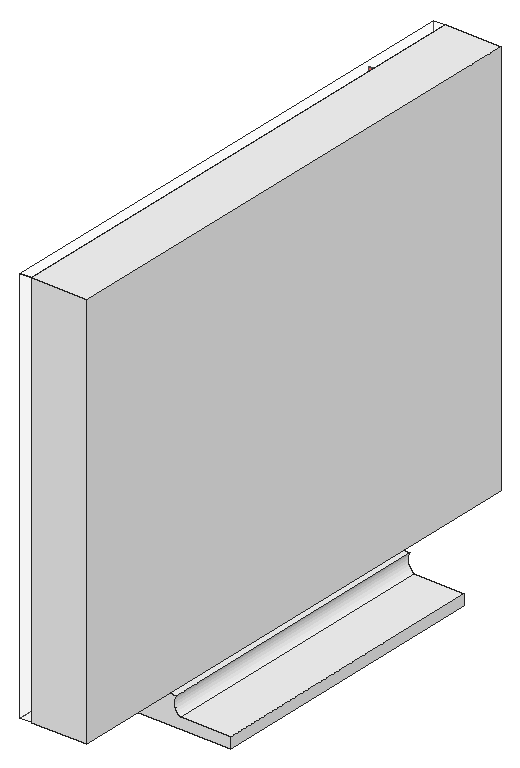
Revit family "CLS_Ceiling", category Lighting Fixtures, host Face, Revit 2014
Parameters (values of type "CLS-S-EXIT-Right_Arrow")
  zz Length 1 [instance] = if([EXIT - Single Face], 0.200", 0.250")  # 0.200"
  Watts = 3.72 W
  Wattage Comments = "3.72 W"
  Warranty = "Fixture: 5 Years Full; Battery: 2 Years Full, 8 Years Pro-Rata"  # constant formula
  Wall Plate Material = Hubbell - Black
  Voltage [instance] = if(Is 120VAC, 120 V, 277 V)  # 120 V
  URL = "https://www.hubbell.com/dual-lite/en"
  Type Comments = "Exit Light"  # constant formula
  EXIT - Single Face = yes
  STAIR - Single Face = no
  STAIR - Double Face = no
  Right Arrow - Single = yes
  Right Arrow - Double = no
  Product Page URL = "https://www.hubbell.com/dual-lite/en/Products/Lighting-Controls/Emergency-Exit-Lighting/Exit-Message-Signs/CLS/p/222327"
  Product Documentation Link = "https://hubbellcdn.com/specsheet/0603521_cls_spec.pdf"
  Model = "CLS"
  Manufacturer = "DUAL-LITE"  # constant formula
  Load Classification = Lighting
  Lens = Hubbell - Red Glass
  Left Arrow - Single = no
  Left Arrow - Double = no
  Lamp = "LED Lamp"  # constant formula
  Is 277VAC [instance] = not(Is 120VAC)  # no
  Is 120VAC [instance] = yes
  Holder Material = Hubbell - Steel
  Glass = Hubbell - light Glass
  Finish = Hubbell - White
  Features = "Improved one-piece design in AC or emergency operation\r\nHighly reliable and energy efficient LED illumination\r\nLong lasting Nickel Cadmium Battery\r\nGlass panels with EXIT or STAIRS"  # constant formula
  End = C : C1
  EXIT - Double Face = no
  Description = "The CLS Series offers bright and even LED EXIT or STAIRS glass panel illumination with Red letters, white LED's and a 20 gauge, durable steel housing. Features include AC or Emergency operation in single or double face. 120/277 VAC input. City of Chicago approved."  # constant formula
  Default Elevation = 48.000"
  Certification = "UL 924 Listed\r\nNFPA 101 Life Safety Code\r\nCEC T20 Compliant"  # constant formula
  Arrow Base - Single = yes
  Arrow Base - Double = no
  Application = "The Sempra® MR Series are a set of compact, low-profile Master/\r\nRemote exit sign featuring cast aluminum construction. It allows for\r\neasy installation and has energy saving, long-life LED lamps. "  # constant formula
  Apparent Load = Watts  # 3.72 VA
Types (16): name | zz Length 1 | EXIT - Single Face | STAIR - Single Face | STAIR - Double Face | Right Arrow - Single | Right Arrow - Double | Left Arrow - Single | Left Arrow - Double | Glass | EXIT - Double Face | Arrow Base - Single | Arrow Base - Double
  CLS-S-EXIT-No_arrows | 0.200" | yes | no | no | no | no | no | no | Hubbell - Glass | no | no | no
  CLS-S-EXIT-Right_Arrow | 0.200" | yes | no | no | yes | no | no | no | Hubbell - light Glass | no | yes | no
  CLS-S-EXIT-Left_Arrow | 0.200" | yes | no | no | no | no | yes | no | Hubbell - light Glass | no | yes | no
  CLS-S-EXIT-Double_Arrow | 0.200" | yes | no | no | yes | no | yes | no | Hubbell - light Glass | no | yes | no
  CLS-D-EXIT-No_Arrows | 0.200" | yes | no | no | no | no | no | no | Hubbell - light Glass | yes | no | no
  CLS-D-EXIT-Left_Arrow | 0.200" | yes | no | no | no | yes | yes | no | Hubbell - light Glass | yes | yes | yes
  CLS-D-EXIT-Right_Arrow | 0.200" | yes | no | no | yes | no | no | yes | Hubbell - light Glass | yes | yes | yes
  CLS-D-EXIT-Double_Arrow | 0.200" | yes | no | no | yes | yes | yes | yes | Hubbell - Glass | yes | yes | yes
  CLS-S-STAIRS-No_Arrows | 0.250" | no | yes | no | no | no | no | no | Hubbell - Glass | no | no | no
  CLS-S-STAIRS-Right_Arrow | 0.250" | no | yes | no | yes | no | no | no | Hubbell - Glass | no | yes | no
  CLS-S-STAIRS-Left_Arrow | 0.250" | no | yes | no | no | no | yes | no | Hubbell - Glass | no | yes | no
  CLS-S-STAIRS-Double_Arrow | 0.250" | no | yes | no | yes | no | yes | no | Hubbell - Glass | no | yes | no
  CLS-D-STAIRS-No_Arrow | 0.250" | no | yes | yes | no | no | no | no | Hubbell - Glass | no | no | no
  CLS-D-STAIRS-Right_Arrow | 0.250" | no | yes | yes | yes | no | no | yes | Hubbell - Glass | no | yes | yes
  CLS-D-STAIRS-Left_Arrow | 0.250" | no | yes | yes | no | yes | yes | no | Hubbell - Glass | no | yes | yes
  CLS-D-STAIRS-Double_Arrow | 0.250" | no | yes | yes | yes | yes | yes | yes | Hubbell - Glass | no | yes | yes
Reference planes (in)
  plane 1 "Center (Front/Back)": y = 0
  plane 2: z = 0
  plane 3 "Center (Left/Right)": x = 0
  plane 4: x = -6.25
  plane 5: x = 6.25
  plane 6: x = -2.75
  plane 7: x = 2.75
  plane 8: z = 9.3
  plane 9: y = -1.25
  plane 10: y = 1.25
  plane 11: y = -2.2
  plane 12: y = 2.2
Forms (in)
  Extrusion 1, solid, material "Hubbell - White"
    sketch origin (-0.33698, -0.33698, 0) x (1, 0, 0) y (0, 0, 1)
      loop
        line (2.20258, 0) -> (2.20258, 0.24288) -> (1.0795, 0.24288)
        arc (1.0795, 0.24288) -> (0.94157, 0.42301) -> (0.97906, 0.64676) r 0.28476
        line (0.97906, 0.64676) -> (-0.97906, 0.64676)
        arc (-0.97906, 0.64676) -> (-0.94157, 0.42301) -> (-1.0795, 0.24288) r 0.28476
        line (-1.0795, 0.24288) -> (-2.20258, 0.24288) -> (-2.20258, 0) -> (2.20258, 0)
    from -3.46752 to 3.16302
Dimensions and locks (in)
  plane 4 to plane 3 "Center (Left/Right)" = 6.250"
  equal spacing: plane 4, plane 3 "Center (Left/Right)", plane 5
  equal spacing: plane 6, plane 3 "Center (Left/Right)", plane 7
  plane 6 to plane 3 "Center (Left/Right)" = 2.750"
  plane 7 to plane 6 = 5.500"
  plane 5 to plane 4 = 12.500"
  aligned and locked: plane 2 to host face
  aligned and locked: level to host face
Automatic sketch dimensions
  host sketch curve to host sketch curve = 96.000"  (x2)
  Extrusion 1 sketch curve to level = 0.000"
  plane 6 to Extrusion 1 sketch curve = 0.21043"
  level to Extrusion 1 sketch curve = 0.49173"
  Extrusion 1 sketch curve to Extrusion 1 sketch curve = 0.98467"
  Extrusion 1 sketch curve to Extrusion 1 sketch curve = 0.13842"  (x2)
  Extrusion 1 sketch curve to Extrusion 1 sketch curve = 0.23886"
  plane 3 "Center (Left/Right)" to Extrusion 1 sketch curve = 0.64208"
  Extrusion 1 sketch curve to Extrusion 1 sketch curve = 0.10044"
  level to Extrusion 1 sketch curve = 0.24288"
  Extrusion 1 sketch curve to plane 7 = 0.8844"
  Extrusion 1 sketch curve to Extrusion 1 sketch curve = 0.24288"
Nested families (in)
  nested 1: "C" at (-0.14499, 0, -0.73324) x (0, -1, 0) z (0, 0, 1), type <- "End", type "C1"
    with STAIRS-Single Face no, STAIRS-Double Face no, Right Arrow - Double no, Left Arrow - Single no, Left Arrow - Double no, EXIT-Double Face no, Arrow base-Double no
Connectors (in)
  electrical at (-0.33698, -0.18473, 0), driven by "Voltage", driven by "Apparent Load"
    settings: on Extrusion 1, index 1, voltage 120 V, apparent load 3.72 VA, apparent load phase1 0 VA, apparent load phase2 0 VA, apparent load phase3 0 VA, power factor 1, load classification "Other", number of poles 1, system type 30, power factor state 1, is connector primary yes, connector utility no, sub classification motor no, connector description "Lighting Connector"
Definition of nested family "C"
  Parameters (values of type "C1")
    STAIRS-Single Face = yes
    STAIRS-Double Face = yes
    EXIT-Single Face = yes
    Right Arrow - Single = yes
    Right Arrow - Double = yes
    Lens = Hubbell - Red Glass
    Left Arrow - Single = yes
    Left Arrow - Double = yes
    Glass = Hubbell - Glass
    Finish = Hubbell - White
    EXIT-Double Face = yes
    Arrow base-Double = yes
    Arrow base - Single = yes
  Reference planes (in)
    plane 1 "Center (Front/Back)": y = 0
    plane 2: z = 0
    plane 3 "Center (Left/Right)": x = 0
    plane 4: x = -5.625
    plane 5: x = 5.625
    plane 6: y = 0.866
    plane 7: y = -0.866
    plane 8: z = 12.375
  Forms (in)
    Extrusion 1, solid, material "Hubbell - White" <- "Finish"
      sketch origin (0, 0.02507, 10.68) x (-1, 0, 0) y (0, 0, -1)
        loop
          line (-5.875, 9.3) -> (-5.875, 0.25) -> (5.875, 0.25) -> (5.875, 9.3) -> (-5.875, 9.3)
      from -0.625 to 0.625
    Extrusion 2, solid, material "Hubbell - Red Glass" <- "Lens", visible <- "EXIT-Single Face"
      sketch origin (0, 0.02507, 2.07542) x (1, 0, 0) y (0, 0, 1)
        loop
          line (2.43416, 6.45678) -> (2.43416, 5.97564) -> (3.5716, 5.97564) -> (3.5716, 3.97225) -> (2.43416, 3.97225) -> (2.43416, 3.36683) -> (3.55274, 3.3823) -> (3.55274, 1.3823) -> (2.30274, 1.3823) -> (2.30274, 0.8823) -> (4.05274, 0.8823) -> (4.05274, 6.45678) -> (2.43416, 6.45678)
        loop
          line (1.58093, 6.45573) -> (0.95036, 6.45573) -> (0.67318, 5.69418) -> (0.396, 6.45573) -> (-0.23457, 6.45573) -> (0.40867, 3.66954) -> (-0.23457, 0.88335) -> (0.396, 0.88335) -> (0.67318, 1.64489) -> (0.95036, 0.88335) -> (1.53078, 0.88335) -> (0.91261, 3.56092) -> (1.58093, 6.45573)
        loop
          line (-1.71319, 6.47228) -> (-1.71319, 0.88335) -> (-1.04357, 0.88335) -> (-1.04357, 6.47228) -> (-1.71319, 6.47228)
        loop
          line (-2.31807, 1.07085) -> (-2.31807, 1.80238) -> (-3.19038, 1.80238) -> (-3.19038, 6.65978) -> (-3.86, 6.65978) -> (-3.86, 1.80238) -> (-4.82984, 1.80238) -> (-4.82984, 1.07085) -> (-2.31807, 1.07085)
      from 0.625 to 0.89107
    Extrusion 3, solid, material "Hubbell - Glass" <- "Glass", visible <- "EXIT-Single Face"
      sketch origin (0, 0.02507, 10.68) x (-1, 0, 0) y (0, 0, -1)
        loop
          line (-5.875, 9.305) -> (-5.875, 0.25) -> (5.875, 0.25) -> (5.875, 9.305) -> (-5.875, 9.305)
      from 0.625 to 0.89107
    Extrusion 4, solid, material "Hubbell - Red Glass" <- "Lens", visible <- "EXIT-Double Face"
      sketch origin (0, 0.02507, 9.43) x (-1, 0, 0) y (0, 0, 1)
        loop
          line (2.43416, -6.45678) -> (4.05274, -6.45678) -> (4.05274, -0.8823) -> (2.30274, -0.8823) -> (2.30274, -1.3823) -> (3.55274, -1.3823) -> (3.55274, -3.3823) -> (2.43416, -3.36683) -> (2.43416, -3.97225) -> (3.5716, -3.97225) -> (3.5716, -5.97564) -> (2.43416, -5.97564) -> (2.43416, -6.45678)
        loop
          line (1.58093, -6.45573) -> (0.91261, -3.56092) -> (1.53078, -0.88335) -> (0.95036, -0.88335) -> (0.67318, -1.64489) -> (0.396, -0.88335) -> (-0.23457, -0.88335) -> (0.40867, -3.66954) -> (-0.23457, -6.45573) -> (0.396, -6.45573) -> (0.67318, -5.69418) -> (0.95036, -6.45573) -> (1.58093, -6.45573)
        loop
          line (-1.71319, -6.47228) -> (-1.04357, -6.47228) -> (-1.04357, -0.88335) -> (-1.71319, -0.88335) -> (-1.71319, -6.47228)
        loop
          line (-4.89234, -6.47228) -> (-2.38057, -6.47228) -> (-2.38057, -5.74075) -> (-3.35041, -5.74075) -> (-3.35041, -0.88335) -> (-4.02003, -0.88335) -> (-4.02003, -5.74075) -> (-4.89234, -5.74075) -> (-4.89234, -6.47228)
      from 0.625 to 0.84093
    Extrusion 5, solid, material "Hubbell - Glass" <- "Glass", visible <- "EXIT-Double Face"
      sketch origin (0, 0.02507, 10.68) x (-1, 0, 0) y (0, 0, 1)
        loop
          line (5.875, -9.3) -> (5.875, -0.25) -> (-5.875, -0.25) -> (-5.875, -9.3) -> (5.875, -9.3)
      from 0.625 to 0.84093
    Extrusion 6, solid, material "Hubbell - Red Glass" <- "Lens", visible <- "Arrow base-Double"
      sketch origin (5.9025, 0, 5.9025) x (0, 0, 1) y (-1, 0, 0)
        loop
          line (3.26823, 9.93122) -> (3.26823, 1.93122) -> (3.76823, 1.93122) -> (3.76823, 9.93122) -> (3.26823, 9.93122)
      from -0.866 to -0.65007
    Extrusion 7, solid, material "Hubbell - Red Glass" <- "Lens", visible <- "Left Arrow - Double"
      sketch origin (5.9025, 0, 5.9025) x (0, 0, 1) y (-1, 0, 0)
        loop
          line (4.39221, 9.92839) -> (3.52618, 11.42839) -> (2.66016, 9.92839) -> (3.27618, 9.92839) -> (3.77618, 9.92839) -> (4.39221, 9.92839)
      from -0.866 to -0.65007
    Extrusion 8, solid, material "Hubbell - Red Glass" <- "Lens", visible <- "Right Arrow - Double"
      sketch origin (-5.95995, 0, 5.9025) x (0, 0, 1) y (-1, 0, 0)
        loop
          line (4.39221, -9.92839) -> (3.77618, -9.92839) -> (3.27618, -9.92839) -> (2.66016, -9.92839) -> (3.52618, -11.42839) -> (4.39221, -9.92839)
      from -0.866 to -0.65007
    Extrusion 9, solid, material "Hubbell - Red Glass" <- "Lens", visible <- "Arrow base - Single"
      sketch origin (5.9025, 0, 5.9025) x (0, 0, 1) y (1, 0, 0)
        loop
          line (3.26823, -9.93122) -> (3.76823, -9.93122) -> (3.76823, -1.93122) -> (3.26823, -1.93122) -> (3.26823, -9.93122)
      from -0.866 to -0.65007
    Extrusion 10, solid, material "Hubbell - Red Glass" <- "Lens", visible <- "Right Arrow - Single"
      sketch origin (5.9025, 0, 5.9025) x (0, 0, 1) y (1, 0, 0)
        loop
          line (4.39221, -9.92839) -> (3.77618, -9.92839) -> (3.27618, -9.92839) -> (2.66016, -9.92839) -> (3.52618, -11.42839) -> (4.39221, -9.92839)
      from -0.866 to -0.65007
    Extrusion 11, solid, material "Hubbell - Red Glass" <- "Lens", visible <- "Left Arrow - Single"
      sketch origin (-5.95995, 0, 5.9025) x (0, 0, 1) y (1, 0, 0)
        loop
          line (4.39221, 9.92839) -> (3.52618, 11.42839) -> (2.66016, 9.92839) -> (3.27618, 9.92839) -> (3.77618, 9.92839) -> (4.39221, 9.92839)
      from -0.866 to -0.65007
    Extrusion 12, solid, material "Hubbell - Red Glass" <- "Lens", visible <- "STAIRS-Single Face"
      sketch origin (5.9025, 0, 5.4025) x (0, 0, 1) y (-1, 0, 0)
        loop
          line (-1.88113, 2.19677) -> (-2.69478, 2.19677)
          arc (-2.69478, 2.19677) -> (-2.87155, 2.12355) -> (-2.94478, 1.94677) r 0.25
          line (-2.94478, 1.94677) -> (-2.94478, 0.54083)
          arc (-2.94478, 0.54083) -> (-2.84401, 0.29754) -> (-2.60072, 0.19677) r 0.34405
          line (-2.60072, 0.19677) -> (-0.02929, 0.19677)
          arc (-0.02929, 0.19677) -> (0.22934, 0.3039) -> (0.33647, 0.56253) r 0.36576
          line (0.33647, 0.56253) -> (0.33647, 1.31851)
          arc (0.33647, 1.31851) -> (0.375, 1.45185) -> (0.47871, 1.54409) r 0.25
          line (0.47871, 1.54409) -> (2.31495, 1.54409)
          arc (2.31495, 1.54409) -> (2.43984, 1.49236) -> (2.49157, 1.36747) r 0.17663
          line (2.49157, 1.36747) -> (2.49157, 1.16329)
          arc (2.49157, 1.16329) -> (2.45666, 1.079) -> (2.37237, 1.04409) r 0.1192
          line (2.37237, 1.04409) -> (1.99157, 1.04409) -> (1.99157, 0.25958) -> (2.80522, 0.25958)
          arc (2.80522, 0.25958) -> (2.982, 0.3328) -> (3.05522, 0.50958) r 0.25
          line (3.05522, 0.50958) -> (3.05522, 1.91552)
          arc (3.05522, 1.91552) -> (3.01658, 2.07394) -> (2.90934, 2.19677) r 0.34405
          line (2.90934, 2.19677) -> (-0.09988, 2.19677)
          arc (-0.09988, 2.19677) -> (-0.27666, 2.12355) -> (-0.34988, 1.94677) r 0.25
          line (-0.34988, 1.94677) -> (-0.34988, 1.16226)
          arc (-0.34988, 1.16226) -> (-0.4231, 0.98548) -> (-0.59988, 0.91226) r 0.25
          line (-0.59988, 0.91226) -> (-2.20451, 0.91226)
          arc (-2.20451, 0.91226) -> (-2.3294, 0.96399) -> (-2.38113, 1.08888) r 0.17663
          line (-2.38113, 1.08888) -> (-2.38113, 1.29306)
          arc (-2.38113, 1.29306) -> (-2.34622, 1.37735) -> (-2.26193, 1.41226) r 0.1192
          line (-2.26193, 1.41226) -> (-1.88113, 1.41226) -> (-1.88113, 2.19677)
        loop
          line (-2.91247, 4.66984) -> (-2.91247, 2.47057) -> (-2.0247, 2.47057) -> (-2.0247, 3.21788) -> (3.05145, 3.21788) -> (3.05145, 3.8875) -> (-2.0247, 3.8875) -> (-2.0247, 4.66984) -> (-2.91247, 4.66984)
        loop
          line (-2.94372, 6.63357) -> (3.05926, 6.63357) -> (3.05926, 7.30319) -> (-2.94372, 7.30319) -> (-2.94372, 6.63357)
        loop
          line (-2.91247, 5.08785) -> (3.05522, 4.35511) -> (3.05522, 5.10511) -> (1.58343, 5.3912) -> (3.05522, 5.73818) -> (3.05522, 6.48818) -> (-2.91247, 5.78633) -> (-2.91247, 5.08785)
        loop
          line (0.65691, 5.38371) -> (1.13031, 5.29169) -> (1.13031, 5.49532) -> (0.65691, 5.38371)
        loop
          line (-2.94372, 7.44857) -> (3.05926, 7.44857) -> (3.05926, 8.11819) -> (1.15884, 8.11819) -> (3.06092, 8.56662) -> (3.06092, 9.31662) -> (-0.34988, 8.5125) -> (-0.34988, 9.02445)
          arc (-0.34988, 9.02445) -> (-0.45056, 9.26751) -> (-0.69362, 9.36819) r 0.34374
          line (-0.69362, 9.36819) -> (-2.69372, 9.36819)
          arc (-2.69372, 9.36819) -> (-2.8705, 9.29497) -> (-2.94372, 9.11819) r 0.25
          line (-2.94372, 9.11819) -> (-2.94372, 8.11819) -> (-2.94372, 7.44857)
        loop
          arc (-2.19372, 8.28281) -> (-2.14551, 8.16641) -> (-2.0291, 8.11819) r 0.16462
          line (-2.0291, 8.11819) -> (-1.11412, 8.11819)
          arc (-1.11412, 8.11819) -> (-0.99363, 8.1681) -> (-0.94372, 8.28859) r 0.1704
          line (-0.94372, 8.28859) -> (-0.94372, 8.61819)
          arc (-0.94372, 8.61819) -> (-1.01695, 8.79497) -> (-1.19372, 8.86819) r 0.25
          line (-1.19372, 8.86819) -> (-1.89265, 8.86819)
          arc (-1.89265, 8.86819) -> (-2.10554, 8.78001) -> (-2.19372, 8.56711) r 0.30108
          line (-2.19372, 8.56711) -> (-2.19372, 8.28281)
        loop
          line (-1.88113, 11.63427) -> (-2.69478, 11.63427)
          arc (-2.69478, 11.63427) -> (-2.87155, 11.56105) -> (-2.94478, 11.38427) r 0.25
          line (-2.94478, 11.38427) -> (-2.94478, 9.97833)
          arc (-2.94478, 9.97833) -> (-2.84401, 9.73504) -> (-2.60072, 9.63427) r 0.34405
          line (-2.60072, 9.63427) -> (-0.02929, 9.63427)
          arc (-0.02929, 9.63427) -> (0.22934, 9.7414) -> (0.33647, 10.00003) r 0.36576
          line (0.33647, 10.00003) -> (0.33647, 10.75601)
          arc (0.33647, 10.75601) -> (0.375, 10.88935) -> (0.47871, 10.98159) r 0.25
          line (0.47871, 10.98159) -> (2.31495, 10.98159)
          arc (2.31495, 10.98159) -> (2.43984, 10.92986) -> (2.49157, 10.80497) r 0.17663
          line (2.49157, 10.80497) -> (2.49157, 10.60079)
          arc (2.49157, 10.60079) -> (2.45666, 10.5165) -> (2.37237, 10.48159) r 0.1192
          line (2.37237, 10.48159) -> (1.99157, 10.48159) -> (1.99157, 9.69708) -> (2.80522, 9.69708)
          arc (2.80522, 9.69708) -> (2.982, 9.7703) -> (3.05522, 9.94708) r 0.25
          line (3.05522, 9.94708) -> (3.05522, 11.35302)
          arc (3.05522, 11.35302) -> (3.01658, 11.51144) -> (2.90934, 11.63427) r 0.34405
          line (2.90934, 11.63427) -> (-0.09988, 11.63427)
          arc (-0.09988, 11.63427) -> (-0.27666, 11.56105) -> (-0.34988, 11.38427) r 0.25
          line (-0.34988, 11.38427) -> (-0.34988, 10.59976)
          arc (-0.34988, 10.59976) -> (-0.4231, 10.42298) -> (-0.59988, 10.34976) r 0.25
          line (-0.59988, 10.34976) -> (-2.20451, 10.34976)
          arc (-2.20451, 10.34976) -> (-2.3294, 10.40149) -> (-2.38113, 10.52638) r 0.17663
          line (-2.38113, 10.52638) -> (-2.38113, 10.73056)
          arc (-2.38113, 10.73056) -> (-2.34622, 10.81485) -> (-2.26193, 10.84976) r 0.1192
          line (-2.26193, 10.84976) -> (-1.88113, 10.84976) -> (-1.88113, 11.63427)
      from 0.59993 to 0.866
    Extrusion 13, solid, material "Hubbell - Red Glass" <- "Lens", visible <- "STAIRS-Double Face"
      sketch origin (-5.9025, 0, 5.4025) x (0, 0, 1) y (1, 0, 0)
        loop
          line (-1.88113, 2.19677) -> (-2.69478, 2.19677)
          arc (-2.69478, 2.19677) -> (-2.87155, 2.12355) -> (-2.94478, 1.94677) r 0.25
          line (-2.94478, 1.94677) -> (-2.94478, 0.54083)
          arc (-2.94478, 0.54083) -> (-2.84401, 0.29754) -> (-2.60072, 0.19677) r 0.34405
          line (-2.60072, 0.19677) -> (-0.02929, 0.19677)
          arc (-0.02929, 0.19677) -> (0.22934, 0.3039) -> (0.33647, 0.56253) r 0.36576
          line (0.33647, 0.56253) -> (0.33647, 1.31851)
          arc (0.33647, 1.31851) -> (0.375, 1.45185) -> (0.47871, 1.54409) r 0.25
          line (0.47871, 1.54409) -> (2.31495, 1.54409)
          arc (2.31495, 1.54409) -> (2.43984, 1.49236) -> (2.49157, 1.36747) r 0.17663
          line (2.49157, 1.36747) -> (2.49157, 1.16329)
          arc (2.49157, 1.16329) -> (2.45666, 1.079) -> (2.37237, 1.04409) r 0.1192
          line (2.37237, 1.04409) -> (1.99157, 1.04409) -> (1.99157, 0.25958) -> (2.80522, 0.25958)
          arc (2.80522, 0.25958) -> (2.982, 0.3328) -> (3.05522, 0.50958) r 0.25
          line (3.05522, 0.50958) -> (3.05522, 1.91552)
          arc (3.05522, 1.91552) -> (3.01658, 2.07394) -> (2.90934, 2.19677) r 0.34405
          line (2.90934, 2.19677) -> (-0.09988, 2.19677)
          arc (-0.09988, 2.19677) -> (-0.27666, 2.12355) -> (-0.34988, 1.94677) r 0.25
          line (-0.34988, 1.94677) -> (-0.34988, 1.16226)
          arc (-0.34988, 1.16226) -> (-0.4231, 0.98548) -> (-0.59988, 0.91226) r 0.25
          line (-0.59988, 0.91226) -> (-2.20451, 0.91226)
          arc (-2.20451, 0.91226) -> (-2.3294, 0.96399) -> (-2.38113, 1.08888) r 0.17663
          line (-2.38113, 1.08888) -> (-2.38113, 1.29306)
          arc (-2.38113, 1.29306) -> (-2.34622, 1.37735) -> (-2.26193, 1.41226) r 0.1192
          line (-2.26193, 1.41226) -> (-1.88113, 1.41226) -> (-1.88113, 2.19677)
        loop
          line (-2.91247, 4.66984) -> (-2.91247, 2.47057) -> (-2.0247, 2.47057) -> (-2.0247, 3.21788) -> (3.05145, 3.21788) -> (3.05145, 3.8875) -> (-2.0247, 3.8875) -> (-2.0247, 4.66984) -> (-2.91247, 4.66984)
        loop
          line (-2.94372, 6.63357) -> (3.05926, 6.63357) -> (3.05926, 7.30319) -> (-2.94372, 7.30319) -> (-2.94372, 6.63357)
        loop
          line (-2.91247, 5.08785) -> (3.05522, 4.35511) -> (3.05522, 5.10511) -> (1.58343, 5.3912) -> (3.05522, 5.73818) -> (3.05522, 6.48818) -> (-2.91247, 5.78633) -> (-2.91247, 5.08785)
        loop
          line (0.65691, 5.38371) -> (1.13031, 5.29169) -> (1.13031, 5.49532) -> (0.65691, 5.38371)
        loop
          line (-2.94372, 7.44857) -> (3.05926, 7.44857) -> (3.05926, 8.11819) -> (1.15884, 8.11819) -> (3.06092, 8.56662) -> (3.06092, 9.31662) -> (-0.34988, 8.5125) -> (-0.34988, 9.02445)
          arc (-0.34988, 9.02445) -> (-0.45056, 9.26751) -> (-0.69362, 9.36819) r 0.34374
          line (-0.69362, 9.36819) -> (-2.69372, 9.36819)
          arc (-2.69372, 9.36819) -> (-2.8705, 9.29497) -> (-2.94372, 9.11819) r 0.25
          line (-2.94372, 9.11819) -> (-2.94372, 8.11819) -> (-2.94372, 7.44857)
        loop
          arc (-2.19372, 8.28281) -> (-2.14551, 8.16641) -> (-2.0291, 8.11819) r 0.16462
          line (-2.0291, 8.11819) -> (-1.11412, 8.11819)
          arc (-1.11412, 8.11819) -> (-0.99363, 8.1681) -> (-0.94372, 8.28859) r 0.1704
          line (-0.94372, 8.28859) -> (-0.94372, 8.61819)
          arc (-0.94372, 8.61819) -> (-1.01695, 8.79497) -> (-1.19372, 8.86819) r 0.25
          line (-1.19372, 8.86819) -> (-1.89265, 8.86819)
          arc (-1.89265, 8.86819) -> (-2.10554, 8.78001) -> (-2.19372, 8.56711) r 0.30108
          line (-2.19372, 8.56711) -> (-2.19372, 8.28281)
        loop
          line (-1.88113, 11.63427) -> (-2.69478, 11.63427)
          arc (-2.69478, 11.63427) -> (-2.87155, 11.56105) -> (-2.94478, 11.38427) r 0.25
          line (-2.94478, 11.38427) -> (-2.94478, 9.97833)
          arc (-2.94478, 9.97833) -> (-2.84401, 9.73504) -> (-2.60072, 9.63427) r 0.34405
          line (-2.60072, 9.63427) -> (-0.02929, 9.63427)
          arc (-0.02929, 9.63427) -> (0.22934, 9.7414) -> (0.33647, 10.00003) r 0.36576
          line (0.33647, 10.00003) -> (0.33647, 10.75601)
          arc (0.33647, 10.75601) -> (0.375, 10.88935) -> (0.47871, 10.98159) r 0.25
          line (0.47871, 10.98159) -> (2.31495, 10.98159)
          arc (2.31495, 10.98159) -> (2.43984, 10.92986) -> (2.49157, 10.80497) r 0.17663
          line (2.49157, 10.80497) -> (2.49157, 10.60079)
          arc (2.49157, 10.60079) -> (2.45666, 10.5165) -> (2.37237, 10.48159) r 0.1192
          line (2.37237, 10.48159) -> (1.99157, 10.48159) -> (1.99157, 9.69708) -> (2.80522, 9.69708)
          arc (2.80522, 9.69708) -> (2.982, 9.7703) -> (3.05522, 9.94708) r 0.25
          line (3.05522, 9.94708) -> (3.05522, 11.35302)
          arc (3.05522, 11.35302) -> (3.01658, 11.51144) -> (2.90934, 11.63427) r 0.34405
          line (2.90934, 11.63427) -> (-0.09988, 11.63427)
          arc (-0.09988, 11.63427) -> (-0.27666, 11.56105) -> (-0.34988, 11.38427) r 0.25
          line (-0.34988, 11.38427) -> (-0.34988, 10.59976)
          arc (-0.34988, 10.59976) -> (-0.4231, 10.42298) -> (-0.59988, 10.34976) r 0.25
          line (-0.59988, 10.34976) -> (-2.20451, 10.34976)
          arc (-2.20451, 10.34976) -> (-2.3294, 10.40149) -> (-2.38113, 10.52638) r 0.17663
          line (-2.38113, 10.52638) -> (-2.38113, 10.73056)
          arc (-2.38113, 10.73056) -> (-2.34622, 10.81485) -> (-2.26193, 10.84976) r 0.1192
          line (-2.26193, 10.84976) -> (-1.88113, 10.84976) -> (-1.88113, 11.63427)
      from 0.59993 to 0.866
  Dimensions and locks (in)
    Extrusion 5 to Extrusion 3 = 1.732"
    plane 8 to plane 2 = 12.375"
    plane 5 to plane 3 "Center (Left/Right)" to plane 4 = 5.625", 5.625"
    plane 5 to plane 4 = 11.250"
    aligned and locked: plane 2 to level
